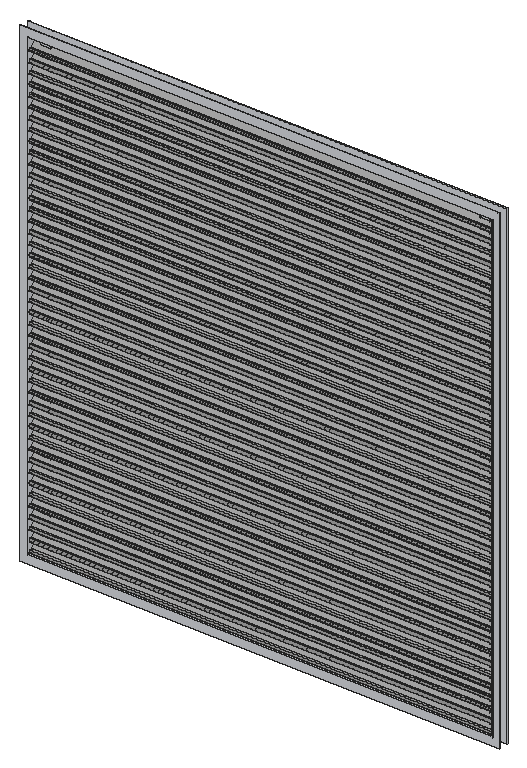
Revit family
Parameters
  Weight = "3 lb/sq.ft."  # constant formula
  Warranty = "All materials and workmanship are warranted for a period of 1 year from date of completion."  # constant formula
  URL = "http://www.industriallouvers.com"
  Surface Finish = "Aluminum, Anodized, or Kynar finish"  # constant formula
  Support Material = Aluminum
  Subcategory = "Thinline"  # constant formula
  Static Pressure Loss = ""
  Specifications  URL = "http://www.industriallouvers.com/downloads/Thinline/1516_SD.doc"
  Screen Width [instance] = Louver Width - (2 * 0' 0 11/16")  # 3' - 10 5/8"
  Screen Material = Screen Material
  Screen Height [instance] = Louver Height - (2 * 0' 0 11/16")  # 3' - 10 5/8"
  SMARTBIM URL = "http://www.SMARTBIM.com"
  SMARTBIM Object Version = 3  # constant formula
  SMARTBIM Object Created By = "SMARTBIM, LLC"  # constant formula
  SMARTBIM Contact = "mailto:SMARTBIM@SMARTBIM.com"
  Product Submittal URL = "http://www.industriallouvers.com/downloads/Thinline/1516_PS.pdf"
  Product Page URL = "http://www.industriallouvers.com/lv_thin.php"
  Number of Blades [instance] = (Louver Height - (0' 1 3/16" + 0' 1 13/32")) / 0' 1"  # 45
  Model = "1516"  # constant formula
  Minimum Height = 0' - 8"  # constant formula
  Maximum Water Penetration = ""
  Maximum Size - Single Section [instance] = "One dimension not to exceed 78\" or 300 lbs"
  Material = "Aluminum"  # constant formula
  Manufacturer Toll Free Phone = "1-800-328-3421"  # constant formula
  Manufacturer Phone = "763-972-2981"  # constant formula
  Manufacturer Fax = "763-972-2911"  # constant formula
  Manufacturer Email = "mailto:ilinfo@industriallouvers.com"
  Manufacturer Address = "511 S. 7th Street, Delano, MN 55328"  # constant formula
  Manufacturer = "Industrial Louvers, Inc."  # constant formula
  Maintenance = "http://www.industriallouvers.com/prod-forms/Maintenance%20Instructions.pdf"
  Louver Width [instance] = 4' - 0"
  Louver Height [instance] = 4' - 0"
  Installation URL = ""
  Height [instance] = if(Louver Height < 0' 8", 0' 8", Louver Height)  # 4' - 0"
  Free Area for 48”x48” Louver = "60.4%"  # constant formula
  Free Area (ft²) for 48" x 48" Louver = "9.67"  # constant formula
  Frame Material = Aluminum
  Fill Material = Product Filling
  Description = "Thinline"  # constant formula
  Depth = 0' - 1 3/8"  # constant formula
  Default Elevation = 4' - 0"
  Cost Info = "Contact Factory"  # constant formula
  CAD Drawings = "http://www.industriallouvers.com/downloads/Thinline/1516_ACD.dwg"
  Blade Width [instance] = Louver Width - (2 * 0' 0 3/4")  # 3' - 10 1/2"
  Blade Region Height [instance] = (Blade Count) * 0' 1"  # 3' - 9"
  Blade Material = Aluminum
  Blade Count [instance] = if(((Louver Height - (0' 1 3/16" + 0' 1 13/32")) / 0' 1") < 2, 2, ((Louver Height - (0' 1 3/16" + 0' 1 13/32")) / 0' 1"))  # 45
  Assembly Code = "B2010300"
  95 CSI = "10200"  # constant formula
  04 CSI = "08 91 00"  # constant formula
Reference planes (in)
  plane 1 "Center (Front/Back)": y = -1
  plane 2: z = 0
  plane 3 "Center (Left/Right)": x = 0
  plane 4 "Back of Blade": y = -0.3125
  plane 5: z = 48
  plane 6: z = 46.1875
  plane 7 "Back of Screen": y = 0.0325
  plane 8: z = 24
  plane 9: x = -22.5
  plane 10: y = -1.6875
  plane 11: z = 24
  plane 12: x = -24
  plane 13: x = 24
  plane 14: z = 1.1875
  plane 15: x = 22.5
  plane 16: z = 0.75
  plane 17: z = 47.25
  plane 18: y = -1.562
Forms (in)
  Sweep 1, solid
    path origin (0, -1, 0) x (1, 0, 0) y (0, 0, 1)
      loop
        line (-24, 48) -> (-24, 0) -> (24, 0) -> (24, 48) -> (-24, 48)
    profile origin (0, -1, 48) x (0, 0, 1) y (0, -1, 0)
      loop
        line (-0.75, -0.6245) -> (-1.187, -0.6245) -> (-1.187, -0.6875) -> (-0.687, -0.6875) -> (-0.687, -0.3125) -> (0, -0.3125) -> (0, -0.2495) -> (-0.687, -0.2495) -> (-0.687, 0.6245) -> (0, 0.6245) -> (0, 0.6875) -> (-0.75, 0.6875) -> (-0.75, -0.6245)
  Extrusion 2, solid
    sketch origin (10, -22.75594, 29.61826) x (-1, 0, 0) y (0, -1, 0)
      loop
        line (32.437, -22.38044) -> (32.5, -22.38044) -> (32.5, -21.75544) -> (31.5, -21.75544) -> (31.5, -22.38044) -> (31.563, -22.38044) -> (31.563, -21.81844) -> (32.437, -21.81844) -> (32.437, -22.38044)
    from -28.86826 to 17.63174
  Extrusion 3, solid
    sketch origin (-1.8, 22.75594, 29.61826) x (1, 0, 0) y (0, 1, 0)
      loop
        line (24.237, -23.13144) -> (24.237, -23.69344) -> (23.363, -23.69344) -> (23.363, -23.13144) -> (23.3, -23.13144) -> (23.3, -23.75644) -> (24.3, -23.75644) -> (24.3, -23.13144) -> (24.237, -23.13144)
    from -28.86826 to 17.63174
Cuts and joins
  joined: Sweep 1, Extrusion 2, Extrusion 3
Dimensions and locks (in)
  equal spacing: plane 12, plane 3 "Center (Left/Right)", plane 13
  "Louver Width": plane 12 to plane 13
  cut or joined group of Sweep 1, Extrusion 2, Extrusion 3 to plane 9 = 0' - 0 3/4"
  cut or joined group of Sweep 1, Extrusion 2, Extrusion 3 to cut or joined group of Sweep 1, Extrusion 2, Extrusion 3 to cut or joined group of Sweep 1, Extrusion 2, Extrusion 3 to cut or joined group of Sweep 1, Extrusion 2, Extrusion 3 = 0' - 0.063" locked, 0' - 0.874" locked, 0' - 0.063" locked  (x2)
  plane 15 to cut or joined group of Sweep 1, Extrusion 2, Extrusion 3 = 0' - 0 3/4"
  Sweep 1 sketch curve to Sweep 1 sketch curve to Sweep 1 sketch curve to Sweep 1 sketch curve = 0' - 0.687" locked, 0' - 0.063" locked, 0' - 0.437" locked
  "Height": plane 5 to level
  locked: plane 12 to plane 9 at 1.5
  locked: plane 15 to plane 13 at 1.5
  plane 7 "Back of Screen" to plane 1 "Center (Front/Back)" to plane 10 = 0' - 1.0325", 0' - 0 11/16"
  equal spacing: plane 5, plane 11, level
  locked: plane 16 to level at 0.75
  locked: plane 5 to plane 17 at 0.75
  locked: plane 14 to level at 1.1875
  "Blade Region Height": plane 6 to plane 14
  equal spacing: group 1, group 3, group 4, group 5, group 6, group 7, group 8, group 9, group 10, group 11, group 12, group 13, group 14, group 15, group 16, group 17, group 18, group 19, group 20, group 21, group 22, group 23, group 24, group 25, group 26, group 27, group 28, group 29, group 30, group 31, group 32, group 33, group 34, group 35, group 36, group 37, group 38, group 39, group 40, group 41, group 42, group 43, group 44, group 45, group 2  (x3)
  aligned and locked: Sweep 1 sketch curve to level
  aligned: Sweep 1 to plane 7 "Back of Screen"
  aligned and locked: nested 1 to plane 7 "Back of Screen"
  aligned and locked: nested 1 to plane 4 "Back of Blade"
  aligned and locked: plane 3 "Center (Left/Right)" to nested 1
  aligned and locked: plane 11 to plane 8
  aligned and locked: plane 3 "Center (Left/Right)" to nested 2
  aligned: nested 2 to plane 4 "Back of Blade"
  aligned and locked: plane 4 "Back of Blade" to Sweep 1
  aligned and locked: cut or joined group of Sweep 1, Extrusion 2, Extrusion 3 to plane 9
  aligned and locked: plane 15 to cut or joined group of Sweep 1, Extrusion 2, Extrusion 3
  aligned and locked: plane 12 to Sweep 1 sketch curve
  aligned and locked: Sweep 1 sketch curve to plane 13
  aligned and locked: plane 5 to Sweep 1 sketch curve
  aligned and locked: plane 11 to nested 1
  aligned and locked: plane 16 to cut or joined group of Sweep 1, Extrusion 2, Extrusion 3  (x2)
  aligned and locked: cut or joined group of Sweep 1, Extrusion 2, Extrusion 3 to plane 17  (x2)
  aligned and locked: plane 18 to nested 2
  aligned and locked: plane 14 to nested 2
  aligned and locked: plane 6 to nested 3
Automatic sketch dimensions
  profile plane to Sweep 1 sketch curve = 0' - 0.687"
  Sweep 1 sketch curve to Sweep 1 sketch curve = 0' - 0.687"
  Sweep 1 sketch curve to plane 1 "Center (Front/Back)" = 0' - 0 11/16"
  Sweep 1 sketch curve to Sweep 1 sketch curve = 0' - 0.063"  (x3)
  Sweep 1 sketch curve to Sweep 1 sketch curve = 0' - 0 3/8"
  Sweep 1 sketch curve to Sweep 1 sketch curve = 0' - 0.874"
  Extrusion 3 sketch curve to plane 1 "Center (Front/Back)" = 0' - 0 1/16"
  Extrusion 3 sketch curve to plane 4 "Back of Blade" = 0' - 0.063"  (x2)
  plane 1 "Center (Front/Back)" to Extrusion 3 sketch curve = 0' - 0.0005"
  Extrusion 3 sketch curve to Extrusion 3 sketch curve = 0' - 0.063"  (x2)
  Extrusion 3 sketch curve to Extrusion 3 sketch curve = 0' - 0.874"
  plane 1 "Center (Front/Back)" to Extrusion 2 sketch curve = 0' - 0.0005"
  plane 9 to Extrusion 2 sketch curve = 0' - 1"
  plane 9 to Extrusion 2 sketch curve = 0' - 0.063"
  plane 9 to Extrusion 2 sketch curve = 0' - 0"
  Extrusion 2 sketch curve to plane 4 "Back of Blade" = 0' - 0.063"  (x2)
  Extrusion 2 sketch curve to plane 1 "Center (Front/Back)" = 0' - 0 1/16"
  Extrusion 2 sketch curve to Extrusion 2 sketch curve = 0' - 0.063"
  profile plane to Sweep 1 sketch curve = 0' - 0"
  Extrusion 3 sketch curve to plane 15 = 0' - 0"
Nested families (in)
  nested 1: "Louver Screen" at (18, -0.3125, 0.6875), Height <- "Screen Height", Width <- "Screen Width", type "Louver Screen"
    with Width 3' - 10 5/8", Height 3' - 10 5/8", Depth 0' - 0.345"
  nested 2: "Louver-Blade_1516_IndustrialLouver" at (0, -0.62407, 0.8745), type "Louver-Blade_1516_IndustrialLouver"
  nested 3: "Louver-Blade_1516_IndustrialLouver" at (0, -0.62407, 45.8745), type "Louver-Blade_1516_IndustrialLouver"
  nested 4: "Louver-Blade_1516_IndustrialLouver" at (0, -0.62407, 1.89723), type "Louver-Blade_1516_IndustrialLouver"
  nested 5: "Louver-Blade_1516_IndustrialLouver" at (0, -0.62407, 2.91995), type "Louver-Blade_1516_IndustrialLouver"
  nested 6: "Louver-Blade_1516_IndustrialLouver" at (0, -0.62407, 3.94268), type "Louver-Blade_1516_IndustrialLouver"
  nested 7: "Louver-Blade_1516_IndustrialLouver" at (0, -0.62407, 4.96541), type "Louver-Blade_1516_IndustrialLouver"
  nested 8: "Louver-Blade_1516_IndustrialLouver" at (0, -0.62407, 5.98814), type "Louver-Blade_1516_IndustrialLouver"
  nested 9: "Louver-Blade_1516_IndustrialLouver" at (0, -0.62407, 7.01086), type "Louver-Blade_1516_IndustrialLouver"
  nested 10: "Louver-Blade_1516_IndustrialLouver" at (0, -0.62407, 8.03359), type "Louver-Blade_1516_IndustrialLouver"
  nested 11: "Louver-Blade_1516_IndustrialLouver" at (0, -0.62407, 9.05632), type "Louver-Blade_1516_IndustrialLouver"
  nested 12: "Louver-Blade_1516_IndustrialLouver" at (0, -0.62407, 10.07905), type "Louver-Blade_1516_IndustrialLouver"
  nested 13: "Louver-Blade_1516_IndustrialLouver" at (0, -0.62407, 11.10177), type "Louver-Blade_1516_IndustrialLouver"
  nested 14: "Louver-Blade_1516_IndustrialLouver" at (0, -0.62407, 12.1245), type "Louver-Blade_1516_IndustrialLouver"
  nested 15: "Louver-Blade_1516_IndustrialLouver" at (0, -0.62407, 13.14723), type "Louver-Blade_1516_IndustrialLouver"
  nested 16: "Louver-Blade_1516_IndustrialLouver" at (0, -0.62407, 14.16995), type "Louver-Blade_1516_IndustrialLouver"
  nested 17: "Louver-Blade_1516_IndustrialLouver" at (0, -0.62407, 15.19268), type "Louver-Blade_1516_IndustrialLouver"
  nested 18: "Louver-Blade_1516_IndustrialLouver" at (0, -0.62407, 16.21541), type "Louver-Blade_1516_IndustrialLouver"
  nested 19: "Louver-Blade_1516_IndustrialLouver" at (0, -0.62407, 17.23814), type "Louver-Blade_1516_IndustrialLouver"
  nested 20: "Louver-Blade_1516_IndustrialLouver" at (0, -0.62407, 18.26086), type "Louver-Blade_1516_IndustrialLouver"
  nested 21: "Louver-Blade_1516_IndustrialLouver" at (0, -0.62407, 19.28359), type "Louver-Blade_1516_IndustrialLouver"
  nested 22: "Louver-Blade_1516_IndustrialLouver" at (0, -0.62407, 20.30632), type "Louver-Blade_1516_IndustrialLouver"
  nested 23: "Louver-Blade_1516_IndustrialLouver" at (0, -0.62407, 21.32905), type "Louver-Blade_1516_IndustrialLouver"
  nested 24: "Louver-Blade_1516_IndustrialLouver" at (0, -0.62407, 22.35177), type "Louver-Blade_1516_IndustrialLouver"
  nested 25: "Louver-Blade_1516_IndustrialLouver" at (0, -0.62407, 23.3745), type "Louver-Blade_1516_IndustrialLouver"
  nested 26: "Louver-Blade_1516_IndustrialLouver" at (0, -0.62407, 24.39723), type "Louver-Blade_1516_IndustrialLouver"
  nested 27: "Louver-Blade_1516_IndustrialLouver" at (0, -0.62407, 25.41995), type "Louver-Blade_1516_IndustrialLouver"
  nested 28: "Louver-Blade_1516_IndustrialLouver" at (0, -0.62407, 26.44268), type "Louver-Blade_1516_IndustrialLouver"
  nested 29: "Louver-Blade_1516_IndustrialLouver" at (0, -0.62407, 27.46541), type "Louver-Blade_1516_IndustrialLouver"
  nested 30: "Louver-Blade_1516_IndustrialLouver" at (0, -0.62407, 28.48814), type "Louver-Blade_1516_IndustrialLouver"
  nested 31: "Louver-Blade_1516_IndustrialLouver" at (0, -0.62407, 29.51086), type "Louver-Blade_1516_IndustrialLouver"
  nested 32: "Louver-Blade_1516_IndustrialLouver" at (0, -0.62407, 30.53359), type "Louver-Blade_1516_IndustrialLouver"
  nested 33: "Louver-Blade_1516_IndustrialLouver" at (0, -0.62407, 31.55632), type "Louver-Blade_1516_IndustrialLouver"
  nested 34: "Louver-Blade_1516_IndustrialLouver" at (0, -0.62407, 32.57905), type "Louver-Blade_1516_IndustrialLouver"
  nested 35: "Louver-Blade_1516_IndustrialLouver" at (0, -0.62407, 33.60177), type "Louver-Blade_1516_IndustrialLouver"
  nested 36: "Louver-Blade_1516_IndustrialLouver" at (0, -0.62407, 34.6245), type "Louver-Blade_1516_IndustrialLouver"
  nested 37: "Louver-Blade_1516_IndustrialLouver" at (0, -0.62407, 35.64723), type "Louver-Blade_1516_IndustrialLouver"
  nested 38: "Louver-Blade_1516_IndustrialLouver" at (0, -0.62407, 36.66995), type "Louver-Blade_1516_IndustrialLouver"
  nested 39: "Louver-Blade_1516_IndustrialLouver" at (0, -0.62407, 37.69268), type "Louver-Blade_1516_IndustrialLouver"
  nested 40: "Louver-Blade_1516_IndustrialLouver" at (0, -0.62407, 38.71541), type "Louver-Blade_1516_IndustrialLouver"
  nested 41: "Louver-Blade_1516_IndustrialLouver" at (0, -0.62407, 39.73814), type "Louver-Blade_1516_IndustrialLouver"
  nested 42: "Louver-Blade_1516_IndustrialLouver" at (0, -0.62407, 40.76086), type "Louver-Blade_1516_IndustrialLouver"
  nested 43: "Louver-Blade_1516_IndustrialLouver" at (0, -0.62407, 41.78359), type "Louver-Blade_1516_IndustrialLouver"
  nested 44: "Louver-Blade_1516_IndustrialLouver" at (0, -0.62407, 42.80632), type "Louver-Blade_1516_IndustrialLouver"
  nested 45: "Louver-Blade_1516_IndustrialLouver" at (0, -0.62407, 43.82905), type "Louver-Blade_1516_IndustrialLouver"
  nested 46: "Louver-Blade_1516_IndustrialLouver" at (0, -0.62407, 44.85177), type "Louver-Blade_1516_IndustrialLouver"
Definition of nested family "Louver Screen"
  Parameters (values of type "Louver Screen")
    Width [instance] = 5' - 0"
    Screen Frame = Aluminum
    Screen = Screen Material
    Height [instance] = 2' - 0"
    Depth [instance] = 0' - 0.44852"
    Assembly Code = ""
  Reference planes (in)
    plane 1 "Front": y = 0
    plane 2: z = 0
    plane 3 "Center (Left/Right)": x = -18
    plane 4: x = -48
    plane 5: x = 12
    plane 6: z = 24
    plane 7: x = -47.25
    plane 8: x = 11.25
    plane 9: z = 23.25
    plane 10: z = 0.75
    plane 11 "Back": y = 0.44852
    plane 12 "Center (Front/Back)": y = 0.22426
    plane 13: y = 0.19301
    plane 14: y = 0.25551
    plane 15: z = 12
  Forms (in)
    Sweep 1, solid, material "Aluminum" <- "Screen Frame"
      path origin (0, 0, 0) x (1, 0, 0) y (0, 0, 1)
        loop
          line (-48, 24) -> (-48, 0) -> (12, 0) -> (12, 24) -> (-48, 24)
      profile origin (-18, 0, 24) x (0, 0, 1) y (0, -1, 0)
        loop
          line (0, 0) -> (-0.75, 0) -> (-0.75, -0.44852) -> (0, -0.44852) -> (0, 0)
    Extrusion 2, solid, material "Screen Material" <- "Screen"
      sketch origin (0, 0, 0) x (1, 0, 0) y (0, 0, 1)
        loop
          line (-47.25, 0.75) -> (11.25, 0.75) -> (11.25, 23.25) -> (-47.25, 23.25) -> (-47.25, 0.75)
      from -0.19301 to -0.25551
  Dimensions and locks (in)
    equal spacing: plane 4, plane 3 "Center (Left/Right)", plane 5
    "Width": plane 4 to plane 5
    "Height": plane 6 to level
    locked: Sweep 1 sketch curve to Sweep 1 sketch curve at 0.75
    locked: plane 6 to plane 9 at 0.75
    locked: plane 4 to plane 7 at 0.75
    locked: plane 5 to plane 8 at 0.75
    locked: plane 10 to level at 0.75
    "Depth": plane 1 "Front" to plane 11 "Back"
    equal spacing: plane 1 "Front", plane 12 "Center (Front/Back)", plane 11 "Back"
    plane 14 to plane 12 "Center (Front/Back)" to plane 13 = 0' - 0 1/32" locked, 0' - 0 1/32" locked
    equal spacing: plane 6, plane 15, level
    aligned and locked: Sweep 1 sketch curve to plane 6
    aligned and locked: Sweep 1 sketch curve to plane 4
    aligned and locked: Sweep 1 sketch curve to level
    aligned and locked: Sweep 1 sketch curve to plane 5
    aligned and locked: Extrusion 2 sketch curve to plane 7
    aligned and locked: Extrusion 2 sketch curve to plane 9
    aligned and locked: Extrusion 2 sketch curve to plane 10
    aligned and locked: Extrusion 2 sketch curve to plane 8
    aligned and locked: plane 11 "Back" to Sweep 1
    aligned and locked: plane 1 "Front" to Sweep 1 sketch curve
    aligned and locked: plane 11 "Back" to Sweep 1 sketch curve
    aligned and locked: plane 14 to Extrusion 2
    aligned and locked: Extrusion 2 to plane 13
  Automatic sketch dimensions
    profile plane to Sweep 1 sketch curve = 0' - 0"
Definition of nested family "Louver-Blade_1516_IndustrialLouver"
  Parameters (values of type "Louver-Blade_1516_IndustrialLouver")
    Width = 3' - 10 1/2"
    Fill Material = Product Filling
    Blade Material = Aluminum
    Assembly Code = ""
  Reference planes (in)
    plane 1 "Center (Front/Back)": y = 0
    plane 2: z = 0
    plane 3 "Center (Left/Right)": x = 0
    plane 4: x = -23.25
    plane 5: x = 23.25
    plane 6: z = 0.98459
    plane 7: z = 0.4923
  Forms (in)
    Extrusion 1, solid, material "Aluminum" <- "Blade Material"
      sketch origin (0, 0, 0.11613) x (0, 1, 0) y (0, 0, 1)
        loop
          arc (-0.79239, 0.00819) -> (-0.86486, 0.12381) -> (-0.74924, 0.05134) r 0.07
          line (-0.74924, 0.05134) -> (0, 0.80058) -> (0, 0.85346)
          arc (0, 0.85346) -> (-0.00926, 0.86732) -> (-0.02561, 0.86407) r 0.015
          line (-0.02561, 0.86407) -> (-0.69281, 0.19687) -> (-0.93793, 0.19687) -> (-0.93793, -0.10113)
          arc (-0.93793, -0.10113) -> (-0.92867, -0.11499) -> (-0.91232, -0.11174) r 0.015
          line (-0.91232, -0.11174) -> (-0.79239, 0.00819)
      from -23.25 to 23.25
  Dimensions and locks (in)
    equal spacing: plane 4, plane 3 "Center (Left/Right)", plane 5
    "Width": plane 4 to plane 5
    equal spacing: plane 6, plane 7, level
    plane 6 to level = 0' - 0.98459"
    aligned and locked: Extrusion 1 to plane 4
    aligned and locked: plane 5 to Extrusion 1
  Automatic sketch dimensions
    level to Extrusion 1 sketch curve = 0' - 0.313"
    plane 1 "Center (Front/Back)" to Extrusion 1 sketch curve = 0' - 0.93793"
    Extrusion 1 sketch curve to Extrusion 1 sketch curve = 0' - 0.015"  (x2)
    level to Extrusion 1 sketch curve = 0' - 0.00439"
    Extrusion 1 sketch curve to Extrusion 1 sketch curve = 0' - 0.01061"  (x2)
    level to Extrusion 1 sketch curve = 0' - 0.12432"
    Extrusion 1 sketch curve to Extrusion 1 sketch curve = 0' - 0.11992"
    level to Extrusion 1 sketch curve = 0' - 0.16747"
    Extrusion 1 sketch curve to Extrusion 1 sketch curve = 0' - 0.04315"
    Extrusion 1 sketch curve to Extrusion 1 sketch curve = 0' - 0.05644"
    Extrusion 1 sketch curve to Extrusion 1 sketch curve = 0' - 0.6672"
    level to Extrusion 1 sketch curve = 0' - 0.91671"
    Extrusion 1 sketch curve to Extrusion 1 sketch curve = 0' - 0.05288"
    Extrusion 1 sketch curve to Extrusion 1 sketch curve = 0' - 0.06612"
